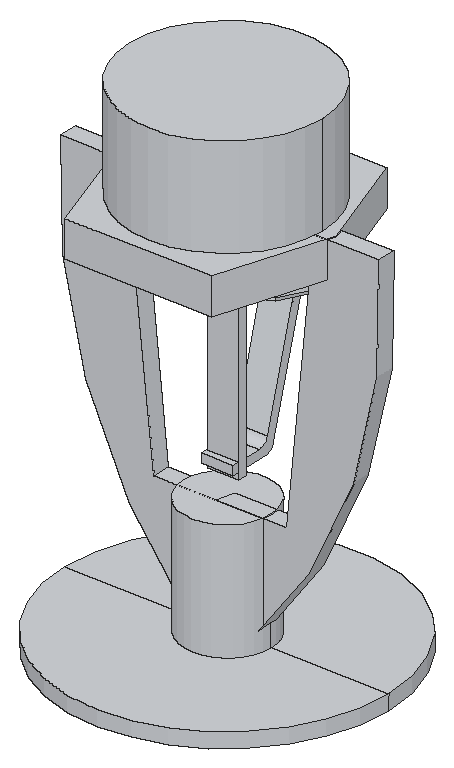
Revit family
Parameters (values of type "RASCO N252 EC PENDENT")
  Temperature Rating = 212 °F
  Response = (empty or 0)
  RASCO SIN # = "RA08A2"
  RASCO Part # = "EC252W"
  Pressure Rating = "175 PSI"
  Pressure Class = (empty or 0)
  Orifice Size = 1"
  Orifice = (empty or 0)
  Model = "N252 EC"
  Manufacturer = "RASCO"
  K-Factor = 25.2
  Description = "WHITE FINISH"
  Coverage = 1
Reference planes (in)
  plane 1 "Center (Front/Back)": y = 0
  plane 2: z = 0
  plane 3 "Center (Left/Right)": x = 0
Nested families (in)
  nested 1: "RASCO- EC252W" at (0, -0.28517, 3.60324) x (-1, 0, 0) z (0, 0, -1), type "RASCO N252 EC PENDENT"
Connectors (in)
  piping at (0, -0.28517, 3.60324)
    settings: on nested 1, index 1, connector radius 11/16", flow factor 0, pipe flow 0 GPM, pressure drop 0.00 psi, fitting loss kfactor 0, connector angle 0.00°, fixture units 0, flow configuration 0, flow direction 0, fitting loss method 0, system type 7, connector reference index -1, connector utility 0, adjustable connector no, is connector primary yes, fitting loss table "", connector description ""
Definition of nested family "RASCO- EC252W"
  Parameters (values of type "RASCO N252 EC PENDENT")
    Type Comments = ""
    Temperature Rating = 0 °F
    Response = (empty or 0)
    Pressure Rating = "0"
    Pressure Class = (empty or 0)
    Orifice Size = 0"
    Orifice = (empty or 0)
    Model = ""
    Manufacturer = ""
    K-Factor = 0
    Description = ""
    Coverage = (empty or 0)
    Assembly Code = ""
  Reference planes (in)
    plane 1 "Center (Front/Back)": y = 0
    plane 2: z = 0
    plane 3 "ref.2": z = 0.6875
    plane 4 "ref.3": z = 0.9375
    plane 5: x = -0.38065
    plane 6: x = 0.36935
    plane 7 "ref. side 1": y = 0.06402
    plane 8 "ref. side 2": y = -0.06098
    plane 9 "ref.4": z = 2.6
    plane 10 "ref.5": z = 3.6
    plane 11 "center": x = -0.00574
    plane 12 "clip": through (0, 0.52703, 1.36085) normal (0, 0.2756, -0.9613)
  Forms (in)
    Extrusion 1, solid
      sketch origin (0, 0, 0) x (1, 0, 0) y (0, 1, 0)
        loop
          circle (0, 0) r 0.659
      from 0 to 0.6875
    Extrusion 2, solid
      sketch origin (-0.12185, 0.05177, 0.6875) x (1, 0, 0) y (0, 1, 0)
        loop
          line (-0.37766, 0.70082) -> (-0.6339, -0.05177) -> (-0.3889, -0.80818) -> (0.62234, -0.80818) -> (0.8661, -0.05177) -> (0.62234, 0.70082) -> (-0.37766, 0.70082)
      from 0 to 0.25
    Extrusion 3, solid
      sketch origin (0, 0, 0) x (1, 0, 0) y (0, 0, 1)
        loop
          line (-1.09324, 0.6875) -> (-0.62034, 0.6875) -> (-0.62034, 0.96854)
          arc (-0.62034, 0.96854) -> (-0.58056, 1.76334) -> (-0.46159, 2.55019) r 7.95835
          line (-0.46159, 2.55019) -> (0.44697, 2.55019)
          arc (0.44697, 2.55019) -> (0.56668, 1.78042) -> (0.60672, 1.00242) r 7.57793
          line (0.60672, 1.00242) -> (0.60672, 0.6875) -> (1.08176, 0.6875)
          arc (1.08176, 0.6875) -> (0.90757, 2.11947) -> (0.17997, 3.36505) r 3.56334
          line (0.17997, 3.36505) -> (-0.19366, 3.36505)
          arc (-0.19366, 3.36505) -> (-0.92012, 2.11923) -> (-1.09324, 0.6875) r 3.563
      from -0.06402 to 0.06098
    Extrusion 4, solid
      sketch origin (-0.00199, 0, 3.1625) x (-1, 0, 0) y (0, -1, 0)
        loop
          circle (0.00574, -0.00152) r 0.3
      from -0.61231 to 0.4375
    Revolve 5, solid
      sketch origin (-0.0011, 0, 1.03138) x (1, 0, 0) y (0, 0, 1)
        loop
          line (-0.19255, 2.33367) -> (-0.19255, 2.43679) -> (-0.34939, 2.43679) -> (-1.11507, 2.43679) -> (-1.11507, 2.33367) -> (-0.19255, 2.33367)
        axis (-0.00574, 2.33367) -> (-0.00574, 2.43679)
      angle from 0 to 360
    Extrusion 6, solid
      sketch origin (0, 0, 0.9375) x (-1, 0, 0) y (0, -1, 0)
        loop
          line (-0.10175, -0.02852) -> (0.11324, -0.02852) -> (0.11324, 0.03101) -> (-0.10175, 0.03101) -> (-0.10175, -0.02852)
      from 0 to 1.45629
    Extrusion 7, solid
      sketch origin (-0.00574, 0, 0) x (0, 0, -1) y (0, -1, 0)
        loop
          line (-2.34418, 0.08154) -> (-2.34418, -0.18975)
          arc (-2.34418, -0.18975) -> (-2.3294, -0.23392) -> (-2.29102, -0.2603) r 0.07339
          line (-2.29102, -0.2603) -> (-1.29471, -0.54599) -> (-1.27823, -0.48852) -> (-2.23088, -0.21535)
          arc (-2.23088, -0.21535) -> (-2.26901, -0.18915) -> (-2.28369, -0.14527) r 0.07291
          line (-2.28369, -0.14527) -> (-2.28369, 0.08154) -> (-2.34418, 0.08154)
      from -0.1075 to 0.1075
    Extrusion 8, solid
      sketch origin (0, -0.32053, 1.11781) x (0, 0.961262, 0.275637) y (1, 0, 0)
        loop
          line (0.84059, -0.34079) -> (0.916, -0.26539) -> (0.916, 0.24563) -> (0.84145, 0.32018) -> (0.33718, 0.32018) -> (0.26218, 0.24518) -> (0.26218, -0.26617) -> (0.3368, -0.34079) -> (0.84059, -0.34079)
      from -0.01906 to 0
  Cuts and joins
    joined: Extrusion 1, Extrusion 2, Revolve 5
